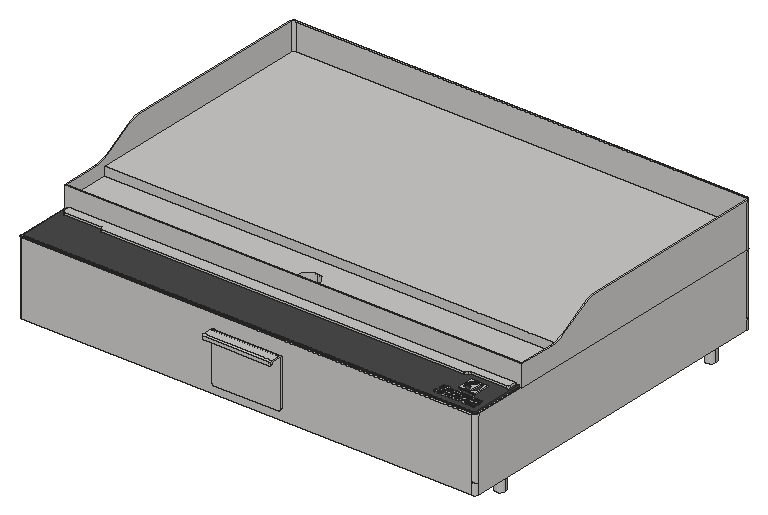
Revit family "QF_ELECTROLUXPROFESSIONAL_602349_E1IREDOMES", category Specialty Equipment, Revit 2023
Family settings
  Round Connector Dimension = Use Diameter
  Part Type = Normal
  Work Plane-Based = No
  Enable Cutting in Views = No
  Always vertical = Yes
  Cut with Voids When Loaded = No
  Maintain Annotation Orientation = No
  Shared = No
  Room Calculation Point = No
Parameters
  Watts = 0 W
  Volts = 0 V
  URL = "http://professional.electrolux.com"
  Steam Supply Size = 0 mm
  Steam Supply Minimum Pressure = 0.0 Pa
  Steam Supply Maximum Pressure = 0.0 Pa
  Steam Pounds per Hour = 0
  Show Logo [instance] = yes
  Manufacturer = "Electrolux Professional"
  Phase = 0
  Model = "E1IREDOMES"
  Item Number = "602349"
  Hot Water Size = 0 mm
  HP = "9.4 HP"
  Gas Size = 0 mm
  Gas KW = 0
  Direct Waste Size = 0 mm
  Description = "PLUG-IN INDUCTION GRIDDLE XL, STAINLESS STEEL SMOOTH PLATE, 3-PHASE"
  Default Elevation = 0 mm
  Cycle = 0 Hz
  Condensate Return Size = 0 mm
  Compressed Air Volume = 0.0 L/s
  Compressed Air Size = 0 mm
  Compressed Air Pressure = 0.0 Pa
  Cold Water Size = 0 mm
Reference planes
  plane 1 "Centro (Fronte/Retro)": y = 74.737
  plane 2: z = 0
  plane 3: x = -514.269
  plane 4 "LEFT": x = -914.269
  plane 5 "RIGHT": x = -114.269
  plane 6 "BACK": y = 374.737
  plane 7 "FRONT": y = -225.263
  plane 8: x = -912.269
  plane 9: y = 372.737
  plane 10: x = -116.269
  plane 11: y = -223.263
  plane 12: y = -124.263
  plane 13: x = -901.269
  plane 14: x = -127.269
  plane 15: y = 304.737
  plane 16: y = -155.263
  plane 17: x = -514.269
  plane 18: y = 146.737
  plane 19: z = 951
  plane 20: z = 991
  plane 21: z = 764
Forms (mm)
  Extrusion 1, solid, material "QF_Finishes_Stainless Steel"
    sketch origin (0, 0, 788) x (1, 0, 0) y (0, 1, 0)
      loop
        arc (-907.269, 374.737) -> (-912.218, 372.687) -> (-914.269, 367.737) r 7
        line (-914.269, 367.737) -> (-914.269, -218.263)
        arc (-914.269, -218.263) -> (-912.218, -223.213) -> (-907.269, -225.263) r 7
        line (-907.269, -225.263) -> (-121.269, -225.263)
        arc (-121.269, -225.263) -> (-116.319, -223.213) -> (-114.269, -218.263) r 7
        line (-114.269, -218.263) -> (-114.269, 367.737)
        arc (-114.269, 367.737) -> (-116.319, 372.687) -> (-121.269, 374.737) r 7
        line (-121.269, 374.737) -> (-907.269, 374.737)
    from 0 to 20
  Extrusion 2, solid, material "QF_Finishes_Stainless Steel"
    sketch origin (0, 0, 788) x (1, 0, 0) y (0, 1, 0)
      loop
        line (-121.269, 374.737) -> (-907.269, 374.737)
        arc (-907.269, 374.737) -> (-912.218, 372.687) -> (-914.269, 367.737) r 7
        line (-914.269, 367.737) -> (-914.269, -218.263)
        arc (-914.269, -218.263) -> (-912.218, -223.213) -> (-907.269, -225.263) r 7
        line (-907.269, -225.263) -> (-121.269, -225.263)
        arc (-121.269, -225.263) -> (-116.319, -223.213) -> (-114.269, -218.263) r 7
        line (-114.269, -218.263) -> (-114.269, 367.737)
        arc (-114.269, 367.737) -> (-116.319, 372.687) -> (-121.269, 374.737) r 7
      loop
        arc (-907.269, 372.737) -> (-910.804, 371.273) -> (-912.269, 367.737) r 5
        line (-912.269, 367.737) -> (-912.269, -218.263)
        arc (-912.269, -218.263) -> (-910.804, -221.798) -> (-907.269, -223.263) r 5
        line (-907.269, -223.263) -> (-121.269, -223.263)
        arc (-121.269, -223.263) -> (-117.733, -221.798) -> (-116.269, -218.263) r 5
        line (-116.269, -218.263) -> (-116.269, 367.737)
        arc (-116.269, 367.737) -> (-117.733, 371.273) -> (-121.269, 372.737) r 5
        line (-121.269, 372.737) -> (-907.269, 372.737)
    from 20 to 126
  Extrusion 3, solid, material "QF_Finishes_Black"
    sketch origin (0, 0, 914) x (-1, 0, 0) y (0, -1, 0)
      loop
        line (909.269, 124.263) -> (909.269, 218.263)
        arc (909.269, 218.263) -> (908.683, 219.677) -> (907.269, 220.263) r 2
        line (907.269, 220.263) -> (121.269, 220.263)
        arc (121.269, 220.263) -> (119.854, 219.677) -> (119.269, 218.263) r 2
        line (119.269, 218.263) -> (119.269, 124.263) -> (909.269, 124.263)
    from 0 to 2
  Extrusion 4, solid, material "QF_Finishes_Stainless Steel"
    sketch origin (0, 0, 914) x (-1, 0, 0) y (0, -1, 0)
      loop
        arc (901.269, 124.263) -> (903.39, 125.142) -> (904.269, 127.263) r 3
        line (904.269, 127.263) -> (904.269, 137.763)
        arc (904.269, 137.763) -> (903.39, 139.884) -> (901.269, 140.763) r 3
        line (901.269, 140.763) -> (837.269, 140.763)
        arc (837.269, 140.763) -> (835.147, 141.642) -> (834.269, 143.763) r 3
        arc (834.269, 143.763) -> (833.39, 145.884) -> (831.269, 146.763) r 3
        line (831.269, 146.763) -> (197.269, 146.763)
        arc (197.269, 146.763) -> (195.147, 145.884) -> (194.269, 143.763) r 3
        arc (194.269, 143.763) -> (193.39, 141.642) -> (191.269, 140.763) r 3
        line (191.269, 140.763) -> (127.269, 140.763)
        arc (127.269, 140.763) -> (125.147, 139.884) -> (124.269, 137.763) r 3
        line (124.269, 137.763) -> (124.269, 127.263)
        arc (124.269, 127.263) -> (125.147, 125.142) -> (127.269, 124.263) r 3
        line (127.269, 124.263) -> (901.269, 124.263)
    from 2 to 5
  Extrusion 5, solid, material "QF_Finishes_Stainless Steel"
    sketch origin (0, 0, 140) x (-1, 0, 0) y (0, -1, 0)
      loop
        circle (901.269, -304.737) r 9
      loop
        circle (127.269, -304.737) r 9
      loop
        circle (901.269, 155.263) r 9
      loop
        circle (127.269, 155.263) r 9
    from 624 to 648
  Extrusion 6, solid, material "QF_Finishes_Stainless Steel"
    sketch origin (0, 0, 140) x (-1, 0, 0) y (0, -1, 0)
      loop
        circle (514.269, -146.737) r 10
    from 638.028 to 648
  Extrusion 7, solid, material "QF_Finishes_Stainless Steel"
    sketch origin (0, 0, 140) x (-1, 0, 0) y (0, -1, 0)
      loop
        line (121.269, -374.737) -> (907.269, -374.737)
        arc (907.269, -374.737) -> (912.218, -372.687) -> (914.269, -367.737) r 7
        line (914.269, -367.737) -> (914.269, 124.263) -> (114.269, 124.263) -> (114.269, -367.737)
        arc (114.269, -367.737) -> (116.319, -372.687) -> (121.269, -374.737) r 7
      loop
        line (912.269, 122.263) -> (116.269, 122.263) -> (116.269, -367.737)
        arc (116.269, -367.737) -> (117.733, -371.273) -> (121.269, -372.737) r 5
        line (121.269, -372.737) -> (907.269, -372.737)
        arc (907.269, -372.737) -> (910.804, -371.273) -> (912.269, -367.737) r 5
        line (912.269, -367.737) -> (912.269, 122.263)
    from 774 to 851
  Extrusion 8, void
    sketch origin (-914.269, 367.737, 140) x (0, 1, 0) y (0, 0, 1)
      loop
        line (-492, 851) -> (-492, 811) -> (-425.278, 811)
        arc (-425.278, 811) -> (-412.445, 812.675) -> (-400.471, 817.588) r 50
        line (-400.471, 817.588) -> (-353.529, 844.412)
        arc (-353.529, 844.412) -> (-341.555, 849.325) -> (-328.722, 851) r 50
        line (-328.722, 851) -> (-492, 851)
    from 0 to 800
  Extrusion 9, solid, material "QF_Finishes_Stainless Steel"
    sketch origin (0, 0, 140) x (-1, 0, 0) y (0, -1, 0)
      loop
        line (912.269, -367.737) -> (912.269, 40.263) -> (116.269, 40.263) -> (116.269, -367.737)
        arc (116.269, -367.737) -> (117.733, -371.273) -> (121.269, -372.737) r 5
        line (121.269, -372.737) -> (907.269, -372.737)
        arc (907.269, -372.737) -> (910.804, -371.273) -> (912.269, -367.737) r 5
    from 774 to 804.06
  Extrusion 10, solid, material "QF_Finishes_Stainless Steel"
    sketch origin (0, 0, 140) x (-1, 0, 0) y (0, -1, 0)
      loop
        line (912.269, 40.263) -> (912.269, 122.263) -> (116.269, 122.263) -> (116.269, 40.263) -> (912.269, 40.263)
    from 774 to 789
  Extrusion 11, solid, material "QF_Finishes_Stainless Steel"
    sketch origin (-574.269, 367.737, 788) x (0, -1, 0) y (0, 0, 1)
      loop
        line (593, 14) -> (594.5, 14) -> (594.5, 99)
        arc (594.5, 99) -> (594.939, 100.061) -> (596, 100.5) r 1.5
        line (596, 100.5) -> (612, 100.5)
        arc (612, 100.5) -> (613.061, 100.061) -> (613.5, 99) r 1.5
        line (613.5, 99) -> (613.5, 94) -> (615, 94) -> (615, 99)
        arc (615, 99) -> (614.121, 101.121) -> (612, 102) r 3
        line (612, 102) -> (596, 102)
        arc (596, 102) -> (593.879, 101.121) -> (593, 99) r 3
        line (593, 99) -> (593, 14)
    from 0 to -120
  Extrusion 12, void
    sketch origin (-574.269, -226.763, 802) x (0, 0, 1) y (1, 0, 0)
      loop
        arc (4, 0) -> (1.172, 1.172) -> (0, 4) r 4
        line (0, 4) -> (0, 0) -> (4, 0)
      loop
        line (4, 120) -> (0, 120) -> (0, 116)
        arc (0, 116) -> (1.172, 118.828) -> (4, 120) r 4
    from 1.5 to 0
  Extrusion 13, void
    sketch origin (-574.269, -247.263, 890) x (0, 0, 1) y (1, 0, 0)
      loop
        arc (-4, 0) -> (-6.828, 1.172) -> (-8, 4) r 4
        line (-8, 4) -> (-8, 0) -> (-4, 0)
      loop
        line (-4, 120) -> (-8, 120) -> (-8, 116)
        arc (-8, 116) -> (-6.828, 118.828) -> (-4, 120) r 4
    from 0 to 1.5
  Extrusion 14, void
    sketch origin (353.267, 0, 929) x (0, -1, 0) y (-1, 0, 0)
      loop
        circle (91.263, 867.536) r 19
    from 0 to 71.307
Cuts and joins
  Extrusion 12, Extrusion 13 cuts Extrusion 1
  Extrusion 12, Extrusion 13 cuts Extrusion 2
  joined: Extrusion 1, Extrusion 2
  Extrusion 8 cuts Extrusion 7
  Extrusion 12, Extrusion 13 cuts Extrusion 11
  Extrusion 14 cuts Extrusion 10
Lines and regions (mm)
  symbolic lines
    curve 1: line (-121.269, 374.737, 126) -> (-907.269, 374.737, 126)
    curve 2: arc (-907.269, 374.737, 126) -> (-912.218, 372.687, 126) -> (-914.269, 367.737, 126) r 7
    curve 3: line (-914.269, 367.737, 126) -> (-914.269, -218.263, 126)
    curve 4: arc (-914.269, -218.263, 126) -> (-912.218, -223.213, 126) -> (-907.269, -225.263, 126) r 7
    curve 5: line (-907.269, -225.263, 126) -> (-121.269, -225.263, 126)
    curve 6: arc (-121.269, -225.263, 126) -> (-116.319, -223.213, 126) -> (-114.269, -218.263, 126) r 7
    curve 7: line (-114.269, -218.263, 126) -> (-114.269, 367.737, 126)
    curve 8: arc (-114.269, 367.737, 126) -> (-116.319, 372.687, 126) -> (-121.269, 374.737, 126) r 7
    curve 9: line (-907.269, 372.737, 126) -> (-121.269, 372.737, 126)
    curve 10: arc (-121.269, 372.737, 126) -> (-117.733, 371.273, 126) -> (-116.269, 367.737, 126) r 5
    curve 11: line (-116.269, 367.737, 126) -> (-116.269, -218.263, 126)
    curve 12: arc (-116.269, -218.263, 126) -> (-117.733, -221.798, 126) -> (-121.269, -223.263, 126) r 5
    curve 13: line (-121.269, -223.263, 126) -> (-907.269, -223.263, 126)
    curve 14: arc (-907.269, -223.263, 126) -> (-910.804, -221.798, 126) -> (-912.269, -218.263, 126) r 5
    curve 15: line (-912.269, -218.263, 126) -> (-912.269, 367.737, 126)
    curve 16: arc (-912.269, 367.737, 126) -> (-910.804, 371.273, 126) -> (-907.269, 372.737, 126) r 5
    curve 17: line (-831.269, -146.763, 126) -> (-197.269, -146.763, 126)
    curve 18: arc (-197.269, -146.763, 126) -> (-195.147, -145.884, 126) -> (-194.269, -143.763, 126) r 3
    curve 19: arc (-194.269, -143.763, 126) -> (-193.39, -141.642, 126) -> (-191.269, -140.763, 126) r 3
    curve 20: line (-191.269, -140.763, 126) -> (-127.269, -140.763, 126)
    curve 21: arc (-127.269, -140.763, 126) -> (-125.147, -139.884, 126) -> (-124.269, -137.763, 126) r 3
    curve 22: line (-124.269, -137.763, 126) -> (-124.269, -127.263, 126)
    curve 23: arc (-124.269, -127.263, 126) -> (-125.147, -125.142, 126) -> (-127.269, -124.263, 126) r 3
    curve 24: arc (-901.269, -124.263, 126) -> (-903.39, -125.142, 126) -> (-904.269, -127.263, 126) r 3
    curve 25: line (-904.269, -127.263, 126) -> (-904.269, -137.763, 126)
    curve 26: arc (-904.269, -137.763, 126) -> (-903.39, -139.884, 126) -> (-901.269, -140.763, 126) r 3
    curve 27: line (-901.269, -140.763, 126) -> (-837.269, -140.763, 126)
    curve 28: line (-119.269, -218.263, 126) -> (-119.269, -124.263, 126)
    curve 29: line (-909.269, -124.263, 126) -> (-909.269, -218.263, 126)
    curve 30: arc (-909.269, -218.263, 126) -> (-908.683, -219.677, 126) -> (-907.269, -220.263, 126) r 2
    curve 31: line (-907.269, -220.263, 126) -> (-121.269, -220.263, 126)
    curve 32: arc (-121.269, -220.263, 126) -> (-119.854, -219.677, 126) -> (-119.269, -218.263, 126) r 2
    curve 33: arc (-837.269, -140.763, 126) -> (-835.147, -141.642, 126) -> (-834.269, -143.763, 126) r 3
    curve 34: arc (-834.269, -143.763, 126) -> (-833.39, -145.884, 126) -> (-831.269, -146.763, 126) r 3
    curve 35: line (-909.269, -124.263, 0) -> (-119.269, -124.263, 0)
    curve 36: line (-912.269, -40.263, 126) -> (-116.269, -40.263, 126)
    curve 37: line (-178.626, -153.452, 126) -> (-178.626, -182.168, 126)
    curve 38: line (-178.626, -182.168, 126) -> (-149.912, -182.168, 126)
    curve 39: line (-149.912, -182.168, 126) -> (-149.912, -153.452, 126)
    curve 40: line (-149.912, -153.452, 126) -> (-178.626, -153.452, 126)
    curve 41: line (-175.841, -162.424, 126) -> (-175.07, -161.023, 126)
    curve 42: line (-175.07, -161.023, 126) -> (-174.141, -159.732, 126)
    curve 43: line (-174.141, -159.732, 126) -> (-173.065, -158.564, 126)
    curve 44: line (-173.065, -158.564, 126) -> (-171.856, -157.535, 126)
    curve 45: line (-171.856, -157.535, 126) -> (-170.527, -156.661, 126)
    curve 46: line (-170.527, -156.661, 126) -> (-169.091, -155.954, 126)
    curve 47: line (-169.091, -155.954, 126) -> (-167.562, -155.431, 126)
    curve 48: line (-167.562, -155.431, 126) -> (-165.952, -155.107, 126)
    curve 49: arc (-165.952, -155.107, 126) -> (-163.752, -155.007, 126) -> (-161.567, -155.279, 126) r 13.008
    curve 50: arc (-161.567, -155.279, 126) -> (-161.815, -157.647, 126) -> (-162.651, -159.876, 126) r 9.395
    curve 51: line (-162.651, -159.876, 126) -> (-163.438, -161.245, 126)
    curve 52: line (-163.438, -161.245, 126) -> (-164.403, -162.507, 126)
    curve 53: line (-164.403, -162.507, 126) -> (-165.524, -163.648, 126)
    curve 54: line (-165.524, -163.648, 126) -> (-166.781, -164.654, 126)
    curve 55: line (-166.781, -164.654, 126) -> (-168.151, -165.509, 126)
    curve 56: line (-168.151, -165.509, 126) -> (-169.615, -166.2, 126)
    curve 57: line (-169.615, -166.2, 126) -> (-171.15, -166.712, 126)
    curve 58: line (-171.15, -166.712, 126) -> (-172.736, -167.029, 126)
    curve 59: line (-172.736, -167.029, 126) -> (-174.352, -167.138, 126)
    curve 60: line (-174.352, -167.138, 126) -> (-177.067, -167.138, 126)
    curve 61: line (-177.067, -167.138, 126) -> (-176.852, -165.495, 126)
    curve 62: line (-176.852, -165.495, 126) -> (-176.439, -163.92, 126)
    curve 63: line (-176.439, -163.92, 126) -> (-175.841, -162.424, 126)
    curve 64: line (-160.221, -179.969, 126) -> (-160.221, -155.646, 126)
    curve 65: line (-160.221, -155.646, 126) -> (-158.743, -156.237, 126)
    curve 66: line (-158.743, -156.237, 126) -> (-157.363, -157.003, 126)
    curve 67: line (-157.363, -157.003, 126) -> (-156.095, -157.931, 126)
    curve 68: line (-156.095, -157.931, 126) -> (-154.951, -159.007, 126)
    curve 69: line (-154.951, -159.007, 126) -> (-153.945, -160.217, 126)
    curve 70: line (-153.945, -160.217, 126) -> (-153.092, -161.548, 126)
    curve 71: line (-153.092, -161.548, 126) -> (-152.403, -162.986, 126)
    curve 72: line (-152.403, -162.986, 126) -> (-151.894, -164.517, 126)
    curve 73: line (-151.894, -164.517, 126) -> (-151.576, -166.128, 126)
    curve 74: line (-151.576, -166.128, 126) -> (-151.464, -167.804, 126)
    curve 75: line (-151.464, -167.804, 126) -> (-151.567, -169.456, 126)
    curve 76: line (-151.567, -169.456, 126) -> (-151.873, -171.047, 126)
    curve 77: line (-151.873, -171.047, 126) -> (-152.372, -172.563, 126)
    curve 78: line (-152.372, -172.563, 126) -> (-153.05, -173.992, 126)
    curve 79: line (-153.05, -173.992, 126) -> (-153.897, -175.319, 126)
    curve 80: line (-153.897, -175.319, 126) -> (-154.899, -176.532, 126)
    curve 81: line (-154.899, -176.532, 126) -> (-156.044, -177.617, 126)
    curve 82: line (-156.044, -177.617, 126) -> (-157.321, -178.56, 126)
    curve 83: line (-157.321, -178.56, 126) -> (-158.718, -179.349, 126)
    curve 84: line (-158.718, -179.349, 126) -> (-160.221, -179.969, 126)
    curve 85: line (-169.613, -169.43, 126) -> (-168.15, -170.12, 126)
    curve 86: line (-168.15, -170.12, 126) -> (-166.78, -170.975, 126)
    curve 87: line (-166.78, -170.975, 126) -> (-165.524, -171.98, 126)
    curve 88: line (-165.524, -171.98, 126) -> (-164.403, -173.12, 126)
    curve 89: line (-164.403, -173.12, 126) -> (-163.439, -174.381, 126)
    curve 90: line (-163.439, -174.381, 126) -> (-162.652, -175.748, 126)
    curve 91: arc (-162.652, -175.748, 126) -> (-161.85, -177.982, 126) -> (-161.568, -180.34, 126) r 10.532
    curve 92: arc (-161.568, -180.34, 126) -> (-162.906, -180.548, 126) -> (-164.258, -180.63, 126) r 14.39
    curve 93: line (-164.258, -180.63, 126) -> (-165.828, -180.532, 126)
    curve 94: line (-165.828, -180.532, 126) -> (-167.331, -180.252, 126)
    curve 95: line (-167.331, -180.252, 126) -> (-168.77, -179.801, 126)
    curve 96: line (-168.77, -179.801, 126) -> (-170.134, -179.191, 126)
    curve 97: line (-170.134, -179.191, 126) -> (-171.411, -178.434, 126)
    curve 98: line (-171.411, -178.434, 126) -> (-172.589, -177.541, 126)
    curve 99: line (-172.589, -177.541, 126) -> (-173.656, -176.525, 126)
    curve 100: line (-173.656, -176.525, 126) -> (-174.6, -175.397, 126)
    curve 101: line (-174.6, -175.397, 126) -> (-175.41, -174.168, 126)
    curve 102: line (-175.41, -174.168, 126) -> (-176.073, -172.852, 126)
    curve 103: line (-176.073, -172.852, 126) -> (-176.579, -171.46, 126)
    curve 104: line (-176.579, -171.46, 126) -> (-176.915, -170.003, 126)
    curve 105: line (-176.915, -170.003, 126) -> (-177.069, -168.493, 126)
    curve 106: line (-177.069, -168.493, 126) -> (-174.35, -168.493, 126)
    curve 107: line (-174.35, -168.493, 126) -> (-172.734, -168.602, 126)
    curve 108: line (-172.734, -168.602, 126) -> (-171.148, -168.919, 126)
    curve 109: line (-171.148, -168.919, 126) -> (-169.613, -169.43, 126)
    curve 110: arc (-199.495, -197.154, 126) -> (-198.466, -199.638, 126) -> (-195.982, -200.667, 126) r 3.513
    curve 111: line (-195.982, -200.667, 126) -> (-192.408, -200.667, 126)
    curve 112: line (-192.408, -200.667, 126) -> (-192.408, -198.85, 126)
    curve 113: line (-192.408, -198.85, 126) -> (-195.966, -198.85, 126)
    curve 114: arc (-195.966, -198.85, 126) -> (-197.094, -198.382, 126) -> (-197.562, -197.254, 126) r 1.596
    curve 115: line (-197.562, -197.254, 126) -> (-197.562, -195.74, 126)
    curve 116: line (-197.562, -195.74, 126) -> (-192.843, -195.74, 126)
    curve 117: line (-192.843, -195.74, 126) -> (-192.843, -193.917, 126)
    curve 118: line (-192.843, -193.917, 126) -> (-197.563, -193.917, 126)
    curve 119: line (-197.563, -193.917, 126) -> (-197.563, -191.264, 126)
    curve 120: line (-197.563, -191.264, 126) -> (-192.542, -191.264, 126)
    curve 121: line (-192.542, -191.264, 126) -> (-192.542, -189.445, 126)
    curve 122: line (-192.542, -189.445, 126) -> (-199.495, -189.445, 126)
    curve 123: line (-199.495, -189.445, 126) -> (-199.495, -193.353, 126)
    curve 124: line (-199.495, -193.353, 126) -> (-199.495, -197.154, 126)
    curve 125: line (-189.101, -189.455, 126) -> (-191.035, -189.455, 126)
    curve 126: line (-191.035, -189.455, 126) -> (-191.035, -194.76, 126)
    curve 127: line (-191.035, -194.76, 126) -> (-191.035, -200.681, 126)
    curve 128: line (-191.035, -200.681, 126) -> (-189.101, -200.681, 126)
    curve 129: line (-189.101, -200.681, 126) -> (-189.101, -194.721, 126)
    curve 130: line (-189.101, -194.721, 126) -> (-189.101, -189.455, 126)
    curve 131: arc (-180.394, -193.787, 126) -> (-183.654, -192.313, 126) -> (-186.913, -193.787, 126) r 4.34
    curve 132: arc (-186.913, -193.787, 126) -> (-187.819, -196.606, 126) -> (-186.913, -199.425, 126) r 4.838
    curve 133: arc (-186.913, -199.425, 126) -> (-183.498, -200.88, 126) -> (-180.082, -199.425, 126) r 4.737
    curve 134: line (-180.082, -199.425, 126) -> (-181.246, -198.293, 126)
    curve 135: arc (-181.246, -198.293, 126) -> (-183.382, -199.237, 126) -> (-185.517, -198.293, 126) r 2.888
    curve 136: arc (-185.517, -198.293, 126) -> (-185.841, -197.736, 126) -> (-185.905, -197.095, 126) r 1.527
    curve 137: line (-185.905, -197.095, 126) -> (-179.564, -197.095, 126)
    curve 138: arc (-179.564, -197.095, 126) -> (-179.672, -195.364, 126) -> (-180.394, -193.787, 126) r 4.757
    curve 139: line (-181.505, -195.736, 126) -> (-185.858, -195.736, 126)
    curve 140: arc (-185.858, -195.736, 126) -> (-185.043, -194.411, 126) -> (-183.56, -193.941, 126) r 2.23
    curve 141: arc (-183.56, -193.941, 126) -> (-182.221, -194.482, 126) -> (-181.505, -195.736, 126) r 2.201
    curve 142: arc (-172.029, -198.26, 126) -> (-176.639, -196.593, 126) -> (-172.029, -194.927, 126) r 2.606
    curve 143: line (-172.029, -194.927, 126) -> (-170.832, -193.681, 126)
    curve 144: arc (-170.832, -193.681, 126) -> (-178.564, -196.594, 126) -> (-170.832, -199.507, 126) r 4.415
    curve 145: line (-170.832, -199.507, 126) -> (-172.029, -198.26, 126)
    curve 146: line (-169.629, -193.481, 126) -> (-169.629, -197.299, 126)
    curve 147: arc (-169.629, -197.299, 126) -> (-168.592, -199.893, 126) -> (-165.911, -200.681, 126) r 3.196
    curve 148: line (-165.911, -200.681, 126) -> (-165.904, -198.864, 126)
    curve 149: arc (-165.904, -198.864, 126) -> (-167.239, -198.457, 126) -> (-167.699, -197.14, 126) r 1.542
    curve 150: line (-167.699, -197.14, 126) -> (-167.699, -194.319, 126)
    curve 151: line (-167.699, -194.319, 126) -> (-165.94, -194.319, 126)
    curve 152: line (-165.94, -194.319, 126) -> (-165.94, -192.562, 126)
    curve 153: line (-165.94, -192.562, 126) -> (-167.696, -192.562, 126)
    curve 154: line (-167.696, -192.562, 126) -> (-167.696, -189.455, 126)
    curve 155: line (-167.696, -189.455, 126) -> (-169.629, -189.455, 126)
    curve 156: line (-169.629, -189.455, 126) -> (-169.629, -193.481, 126)
    curve 157: arc (-159.402, -192.451, 126) -> (-161.13, -192.587, 126) -> (-162.397, -193.771, 126) r 2.627
    curve 158: line (-162.397, -193.771, 126) -> (-162.397, -192.563, 126)
    curve 159: line (-162.397, -192.563, 126) -> (-164.315, -192.563, 126)
    curve 160: line (-164.315, -192.563, 126) -> (-164.315, -196.541, 126)
    curve 161: line (-164.315, -196.541, 126) -> (-164.315, -200.681, 126)
    curve 162: line (-164.315, -200.681, 126) -> (-162.397, -200.681, 126)
    curve 163: line (-162.397, -200.681, 126) -> (-162.397, -196.412, 126)
    curve 164: arc (-162.397, -196.412, 126) -> (-161.445, -194.585, 126) -> (-159.402, -194.319, 126) r 2.229
    curve 165: line (-159.402, -194.319, 126) -> (-159.402, -192.451, 126)
    curve 166: arc (-150.248, -196.625, 126) -> (-154.668, -192.205, 126) -> (-159.088, -196.625, 126) r 4.42
    curve 167: arc (-159.088, -196.625, 126) -> (-154.668, -201.046, 126) -> (-150.248, -196.625, 126) r 4.42
    curve 168: arc (-157.176, -196.625, 126) -> (-154.668, -194.117, 126) -> (-152.16, -196.625, 126) r 2.508
    curve 169: arc (-152.16, -196.625, 126) -> (-154.668, -199.134, 126) -> (-157.176, -196.625, 126) r 2.508
    curve 170: line (-147.124, -189.454, 126) -> (-149.058, -189.454, 126)
    curve 171: line (-149.058, -189.454, 126) -> (-149.058, -194.566, 126)
    curve 172: line (-149.058, -194.566, 126) -> (-149.058, -200.682, 126)
    curve 173: line (-149.058, -200.682, 126) -> (-147.124, -200.682, 126)
    curve 174: line (-147.124, -200.682, 126) -> (-147.124, -194.643, 126)
    curve 175: line (-147.124, -194.643, 126) -> (-147.124, -189.454, 126)
    curve 176: line (-143.697, -192.562, 126) -> (-145.646, -192.562, 126)
    curve 177: line (-145.646, -192.562, 126) -> (-145.646, -194.915, 126)
    curve 178: line (-145.646, -194.915, 126) -> (-145.646, -197.715, 126)
    curve 179: arc (-145.646, -197.715, 126) -> (-141.931, -201.044, 126) -> (-138.204, -197.728, 126) r 3.745
    curve 180: line (-138.204, -197.728, 126) -> (-138.204, -194.915, 126)
    curve 181: line (-138.204, -194.915, 126) -> (-138.204, -192.562, 126)
    curve 182: line (-138.204, -192.562, 126) -> (-140.152, -192.562, 126)
    curve 183: line (-140.152, -192.562, 126) -> (-140.152, -197.299, 126)
    curve 184: arc (-140.152, -197.299, 126) -> (-141.925, -199.071, 126) -> (-143.697, -197.299, 126) r 1.772
    curve 185: line (-143.697, -197.299, 126) -> (-143.697, -192.562, 126)
    curve 186: line (-134.237, -196.397, 126) -> (-135.916, -198.735, 126)
    curve 187: line (-135.916, -198.735, 126) -> (-137.313, -200.682, 126)
    curve 188: line (-137.313, -200.682, 126) -> (-135.235, -200.682, 126)
    curve 189: line (-135.235, -200.682, 126) -> (-133.174, -197.813, 126)
    curve 190: line (-133.174, -197.813, 126) -> (-131.112, -200.682, 126)
    curve 191: line (-131.112, -200.682, 126) -> (-129.034, -200.682, 126)
    curve 192: line (-129.034, -200.682, 126) -> (-130.891, -198.085, 126)
    curve 193: line (-130.891, -198.085, 126) -> (-132.11, -196.38, 126)
    curve 194: line (-132.11, -196.38, 126) -> (-130.601, -194.325, 126)
    curve 195: line (-130.601, -194.325, 126) -> (-129.308, -192.563, 126)
    curve 196: line (-129.308, -192.563, 126) -> (-131.418, -192.563, 126)
    curve 197: line (-131.418, -192.563, 126) -> (-133.174, -194.995, 126)
    curve 198: line (-133.174, -194.995, 126) -> (-134.946, -192.563, 126)
    curve 199: line (-134.946, -192.563, 126) -> (-137.039, -192.563, 126)
    curve 200: line (-137.039, -192.563, 126) -> (-135.839, -194.205, 126)
    curve 201: line (-135.839, -194.205, 126) -> (-134.237, -196.397, 126)
    curve 202: line (-199.467, -205.699, 126) -> (-199.467, -209.59, 126)
    curve 203: line (-199.467, -209.59, 126) -> (-198.667, -209.59, 126)
    curve 204: line (-198.667, -209.59, 126) -> (-198.667, -208.271, 126)
    curve 205: line (-198.667, -208.271, 126) -> (-197.697, -208.271, 126)
    curve 206: arc (-197.697, -208.271, 126) -> (-196.674, -206.863, 126) -> (-197.967, -205.699, 126) r 1.3
    curve 207: line (-197.967, -205.699, 126) -> (-199.467, -205.699, 126)
    curve 208: line (-198.667, -207.52, 126) -> (-198.667, -206.434, 126)
    curve 209: line (-198.667, -206.434, 126) -> (-197.861, -206.434, 126)
    curve 210: arc (-197.861, -206.434, 126) -> (-197.461, -206.977, 126) -> (-197.861, -207.52, 126) r 0.569
    curve 211: line (-197.861, -207.52, 126) -> (-198.667, -207.52, 126)
    curve 212: line (-193.389, -205.699, 126) -> (-193.389, -209.59, 126)
    curve 213: line (-193.389, -209.59, 126) -> (-192.589, -209.59, 126)
    curve 214: line (-192.589, -209.59, 126) -> (-192.589, -208.249, 126)
    curve 215: line (-192.589, -208.249, 126) -> (-191.763, -208.249, 126)
    curve 216: line (-191.763, -208.249, 126) -> (-190.957, -209.59, 126)
    curve 217: line (-190.957, -209.59, 126) -> (-190.05, -209.59, 126)
    curve 218: line (-190.05, -209.59, 126) -> (-191.058, -207.929, 126)
    curve 219: arc (-191.058, -207.929, 126) -> (-190.677, -206.531, 126) -> (-191.863, -205.699, 126) r 1.26
    curve 220: line (-191.863, -205.699, 126) -> (-193.389, -205.699, 126)
    curve 221: line (-192.589, -207.52, 126) -> (-192.589, -206.434, 126)
    curve 222: line (-192.589, -206.434, 126) -> (-191.782, -206.434, 126)
    curve 223: arc (-191.782, -206.434, 126) -> (-191.383, -206.977, 126) -> (-191.782, -207.52, 126) r 0.569
    curve 224: line (-191.782, -207.52, 126) -> (-192.589, -207.52, 126)
    curve 225: arc (-186.695, -207.668, 126) -> (-185.407, -206.38, 126) -> (-184.119, -207.668, 126) r 1.288
    curve 226: arc (-184.119, -207.668, 126) -> (-185.407, -208.956, 126) -> (-186.695, -207.668, 126) r 1.288
    curve 227: arc (-183.342, -207.668, 126) -> (-185.407, -205.603, 126) -> (-187.472, -207.668, 126) r 2.065
    curve 228: arc (-187.472, -207.668, 126) -> (-185.407, -209.733, 126) -> (-183.342, -207.668, 126) r 2.065
    curve 229: line (-179.969, -205.699, 126) -> (-179.969, -209.59, 126)
    curve 230: line (-179.969, -209.59, 126) -> (-179.169, -209.59, 126)
    curve 231: line (-179.169, -209.59, 126) -> (-179.169, -208.099, 126)
    curve 232: line (-179.169, -208.099, 126) -> (-177.704, -208.099, 126)
    curve 233: line (-177.704, -208.099, 126) -> (-177.704, -207.299, 126)
    curve 234: line (-177.704, -207.299, 126) -> (-179.169, -207.299, 126)
    curve 235: line (-179.169, -207.299, 126) -> (-179.169, -206.499, 126)
    curve 236: line (-179.169, -206.499, 126) -> (-177.564, -206.499, 126)
    curve 237: line (-177.564, -206.499, 126) -> (-177.564, -205.699, 126)
    curve 238: line (-177.564, -205.699, 126) -> (-179.969, -205.699, 126)
    curve 239: line (-174.264, -205.699, 126) -> (-174.264, -208.344, 126)
    curve 240: arc (-174.264, -208.344, 126) -> (-173.899, -209.225, 126) -> (-173.017, -209.59, 126) r 1.246
    curve 241: line (-173.017, -209.59, 126) -> (-171.761, -209.59, 126)
    curve 242: line (-171.761, -209.59, 126) -> (-171.761, -208.79, 126)
    curve 243: line (-171.761, -208.79, 126) -> (-172.922, -208.79, 126)
    curve 244: arc (-172.922, -208.79, 126) -> (-173.361, -208.576, 126) -> (-173.464, -208.099, 126) r 0.558
    curve 245: line (-173.464, -208.099, 126) -> (-171.907, -208.099, 126)
    curve 246: line (-171.907, -208.099, 126) -> (-171.907, -207.299, 126)
    curve 247: line (-171.907, -207.299, 126) -> (-173.464, -207.299, 126)
    curve 248: line (-173.464, -207.299, 126) -> (-173.464, -206.499, 126)
    curve 249: line (-173.464, -206.499, 126) -> (-171.799, -206.499, 126)
    curve 250: line (-171.799, -206.499, 126) -> (-171.799, -205.699, 126)
    curve 251: line (-171.799, -205.699, 126) -> (-174.264, -205.699, 126)
    curve 252: arc (-168.711, -208.718, 126) -> (-167.818, -209.538, 126) -> (-166.606, -209.568, 126) r 1.725
    curve 253: arc (-166.606, -209.568, 126) -> (-165.785, -208.793, 126) -> (-166.071, -207.702, 126) r 1.107
    curve 254: arc (-166.071, -207.702, 126) -> (-166.648, -207.348, 126) -> (-167.264, -207.067, 126) r 5.523
    curve 255: arc (-167.264, -207.067, 126) -> (-167.604, -206.55, 126) -> (-167.043, -206.293, 126) r 0.407
    curve 256: arc (-167.043, -206.293, 126) -> (-166.706, -206.498, 126) -> (-166.425, -206.775, 126) r 1.702
    curve 257: line (-166.425, -206.775, 126) -> (-165.74, -206.363, 126)
    curve 258: arc (-165.74, -206.363, 126) -> (-166.172, -205.902, 126) -> (-166.708, -205.566, 126) r 2.463
    curve 259: arc (-166.708, -205.566, 126) -> (-168.378, -206.347, 126) -> (-167.331, -207.864, 126) r 1.207
    curve 260: line (-167.331, -207.864, 126) -> (-166.868, -208.812, 126)
    curve 261: arc (-166.868, -208.812, 126) -> (-167.513, -208.798, 126) -> (-167.991, -208.367, 126) r 0.925
    curve 262: line (-167.991, -208.367, 126) -> (-168.711, -208.718, 126)
    curve 263: arc (-162.851, -208.718, 126) -> (-161.958, -209.538, 126) -> (-160.746, -209.568, 126) r 1.725
    curve 264: arc (-160.746, -209.568, 126) -> (-159.926, -208.793, 126) -> (-160.211, -207.702, 126) r 1.107
    curve 265: arc (-160.211, -207.702, 126) -> (-160.788, -207.348, 126) -> (-161.405, -207.067, 126) r 5.523
    curve 266: arc (-161.405, -207.067, 126) -> (-161.745, -206.55, 126) -> (-161.183, -206.293, 126) r 0.407
    curve 267: arc (-161.183, -206.293, 126) -> (-160.846, -206.498, 126) -> (-160.566, -206.775, 126) r 1.702
    curve 268: line (-160.566, -206.775, 126) -> (-159.88, -206.363, 126)
    curve 269: arc (-159.88, -206.363, 126) -> (-160.313, -205.902, 126) -> (-160.848, -205.566, 126) r 2.463
    curve 270: arc (-160.848, -205.566, 126) -> (-162.518, -206.347, 126) -> (-161.471, -207.864, 126) r 1.207
    curve 271: line (-161.471, -207.864, 126) -> (-161.009, -208.812, 126)
    curve 272: arc (-161.009, -208.812, 126) -> (-161.653, -208.798, 126) -> (-162.132, -208.367, 126) r 0.925
    curve 273: line (-162.132, -208.367, 126) -> (-162.851, -208.718, 126)
    curve 274: line (-156.591, -209.59, 126) -> (-155.791, -209.59, 126)
    curve 275: line (-155.791, -209.59, 126) -> (-155.791, -205.699, 126)
    curve 276: line (-155.791, -205.699, 126) -> (-156.591, -205.699, 126)
    curve 277: line (-156.591, -205.699, 126) -> (-156.591, -209.59, 126)
    curve 278: arc (-152.472, -207.668, 126) -> (-150.407, -209.733, 126) -> (-148.342, -207.668, 126) r 2.065
    curve 279: arc (-148.342, -207.668, 126) -> (-150.407, -205.603, 126) -> (-152.472, -207.668, 126) r 2.065
    curve 280: arc (-151.695, -207.668, 126) -> (-150.407, -206.38, 126) -> (-149.119, -207.668, 126) r 1.288
    curve 281: arc (-149.119, -207.668, 126) -> (-150.407, -208.956, 126) -> (-151.695, -207.668, 126) r 1.288
    curve 282: line (-145.051, -205.699, 126) -> (-145.051, -209.59, 126)
    curve 283: line (-145.051, -209.59, 126) -> (-144.221, -209.59, 126)
    curve 284: line (-144.221, -209.59, 126) -> (-144.221, -207.143, 126)
    curve 285: line (-144.221, -207.143, 126) -> (-142.441, -209.59, 126)
    curve 286: line (-142.441, -209.59, 126) -> (-141.641, -209.59, 126)
    curve 287: line (-141.641, -209.59, 126) -> (-141.641, -205.699, 126)
    curve 288: line (-141.641, -205.699, 126) -> (-142.471, -205.699, 126)
    curve 289: line (-142.471, -205.699, 126) -> (-142.471, -208.219, 126)
    curve 290: line (-142.471, -208.219, 126) -> (-144.251, -205.699, 126)
    curve 291: line (-144.251, -205.699, 126) -> (-145.051, -205.699, 126)
    curve 292: line (-136.895, -205.7, 126) -> (-138.488, -209.59, 126)
    curve 293: line (-138.488, -209.59, 126) -> (-137.629, -209.59, 126)
    curve 294: line (-137.629, -209.59, 126) -> (-137.25, -208.75, 126)
    curve 295: line (-137.25, -208.75, 126) -> (-135.811, -208.75, 126)
    curve 296: line (-135.811, -208.75, 126) -> (-135.432, -209.59, 126)
    curve 297: line (-135.432, -209.59, 126) -> (-134.574, -209.59, 126)
    curve 298: line (-134.574, -209.59, 126) -> (-136.095, -205.7, 126)
    curve 299: line (-136.095, -205.7, 126) -> (-136.895, -205.7, 126)
    curve 300: line (-136.947, -207.983, 126) -> (-136.529, -206.965, 126)
    curve 301: line (-136.529, -206.965, 126) -> (-136.131, -207.983, 126)
    curve 302: line (-136.131, -207.983, 126) -> (-136.947, -207.983, 126)
    curve 303: line (-131.398, -205.699, 126) -> (-131.398, -209.59, 126)
    curve 304: line (-131.398, -209.59, 126) -> (-129.102, -209.59, 126)
    curve 305: line (-129.102, -209.59, 126) -> (-129.102, -208.79, 126)
    curve 306: line (-129.102, -208.79, 126) -> (-130.599, -208.79, 126)
    curve 307: line (-130.599, -208.79, 126) -> (-130.599, -205.699, 126)
    curve 308: line (-130.599, -205.699, 126) -> (-131.398, -205.699, 126)
    curve 309: arc (-514.269, -110.263, 126) -> (-533.269, -91.263, 126) -> (-514.269, -72.263, 126) r 19
    curve 310: arc (-514.269, -72.263, 126) -> (-495.269, -91.263, 126) -> (-514.269, -110.263, 126) r 19
    curve 311: line (-116.269, -122.263, 126) -> (-912.269, -122.263, 126)
    curve 312: line (-574.269, -225.263, 126) -> (-574.269, -247.263, 126)
    curve 313: line (-574.269, -247.263, 126) -> (-454.269, -247.263, 126)
    curve 314: line (-454.269, -247.263, 126) -> (-454.269, -225.263, 126)
Dimensions and locks
  equal spacing: plane 4 "LEFT", plane 3, plane 5 "RIGHT"
  plane 4 "LEFT" to plane 5 "RIGHT" = 800 mm
  equal spacing: plane 6 "BACK", plane 1 "Centro (Fronte/Retro)", plane 7 "FRONT"
  plane 6 "BACK" to plane 7 "FRONT" = 600 mm
  locked: plane 4 "LEFT" to plane 13 at 13
  locked: plane 14 to plane 5 "RIGHT" at 13
  locked: plane 6 "BACK" to plane 15 at 70
  locked: plane 16 to plane 7 "FRONT" at 70
  plane 17 to plane 5 "RIGHT" = 400 mm
  plane 6 "BACK" to plane 18 = 228 mm
  Extrusion 4 to Extrusion 5 = 155 mm
  plane 20 to Extrusion 5 = 227 mm
  locked: plane 10 to plane 5 "RIGHT" at 2
  locked: plane 11 to plane 7 "FRONT" at 2
  locked: plane 4 "LEFT" to plane 8 at 2
  plane 21 to level = 764 mm
  aligned and locked: level to plane 2
  aligned and locked: Extrusion 5 to cut or joined group of Extrusion 1, Extrusion 2, Extrusion 12, Extrusion 13
  aligned and locked: Extrusion 7 to plane 20
  aligned and locked: Extrusion 1 to plane 4 "LEFT"
  aligned and locked: Extrusion 1 sketch curve to plane 5 "RIGHT"
  aligned and locked: Extrusion 1 sketch curve to plane 6 "BACK"
  aligned and locked: plane 7 "FRONT" to Extrusion 1 sketch curve
  aligned and locked: Extrusion 2 sketch curve to plane 4 "LEFT"
  aligned and locked: Extrusion 2 sketch curve to plane 8
  aligned and locked: plane 6 "BACK" to Extrusion 2 sketch curve
  aligned and locked: Extrusion 2 sketch curve to plane 9
  aligned and locked: Extrusion 2 sketch curve to plane 10
  aligned and locked: plane 5 "RIGHT" to Extrusion 2 sketch curve
  aligned and locked: Extrusion 2 sketch curve to plane 7 "FRONT"
  aligned and locked: Extrusion 2 sketch curve to plane 11
  aligned and locked: Extrusion 9 sketch curve to plane 8
  aligned and locked: plane 9 to Extrusion 9 sketch curve
  aligned and locked: plane 10 to Extrusion 9 sketch curve
Automatic sketch dimensions
  curve 35 to plane 12 = 0 mm
  plane 8 to curve 35 = 3 mm
  curve 35 to plane 10 = 3 mm
  Extrusion 1 sketch curve to plane 4 "LEFT" = 0 mm
  plane 8 to Extrusion 1 sketch curve = 5 mm  (x2)
  Extrusion 1 sketch curve to plane 10 = 5 mm  (x2)
  Extrusion 2 sketch curve to Extrusion 2 sketch curve = 0 mm  (x4)
  Extrusion 2 sketch curve to Extrusion 2 sketch curve = 5 mm  (x2)
  Extrusion 2 sketch curve to plane 10 = 5 mm  (x2)
  Extrusion 3 sketch curve to plane 12 = 0 mm
  Extrusion 3 sketch curve to plane 10 = 3 mm
  Extrusion 3 sketch curve to Extrusion 3 sketch curve = 2 mm  (x2)
  plane 8 to Extrusion 3 sketch curve = 5 mm
  plane 11 to Extrusion 3 sketch curve = 5 mm
  Extrusion 4 sketch curve to plane 12 = 0 mm
  Extrusion 4 sketch curve to plane 14 = 0 mm  (x2)
  Extrusion 4 sketch curve to plane 13 = 0 mm  (x2)
  Extrusion 4 sketch curve to Extrusion 4 sketch curve = 3 mm  (x2)
  plane 16 to Extrusion 4 sketch curve = 11.5 mm
  plane 17 to Extrusion 4 sketch curve = 323 mm
  Extrusion 4 sketch curve to Extrusion 4 sketch curve = 6 mm  (x2)
  plane 16 to Extrusion 4 sketch curve = 8.5 mm
  plane 13 to Extrusion 4 sketch curve = 70 mm
  Extrusion 4 sketch curve to plane 12 = 3 mm
  Extrusion 4 sketch curve to Extrusion 4 sketch curve = 10.5 mm  (x2)
  Extrusion 5 sketch curve to plane 14 = 0 mm  (x2)
  Extrusion 5 sketch curve to plane 13 = 0 mm  (x2)
  Extrusion 5 sketch curve to plane 15 = 0 mm  (x2)
  Extrusion 5 sketch curve to plane 16 = 0 mm  (x2)
  Extrusion 6 sketch curve to plane 17 = 0 mm
  Extrusion 6 sketch curve to plane 18 = 0 mm
  Extrusion 7 sketch curve to Extrusion 7 sketch curve = 0 mm  (x4)
  Extrusion 7 sketch curve to plane 5 "RIGHT" = 0 mm
  Extrusion 7 sketch curve to plane 10 = 0 mm
  Extrusion 7 sketch curve to plane 9 = 0 mm
  Extrusion 7 sketch curve to plane 8 = 0 mm
  Extrusion 7 sketch curve to plane 12 = 0 mm
  Extrusion 7 sketch curve to plane 9 = 5 mm
  plane 8 to Extrusion 7 sketch curve = 5 mm
  plane 12 to Extrusion 7 sketch curve = 2 mm
  Extrusion 8 sketch curve to Extrusion 7 = 0 mm  (x2)
  Extrusion 8 sketch curve to Extrusion 7 = 37 mm
  Extrusion 7 to Extrusion 8 sketch curve = 66.722 mm
  Extrusion 8 sketch curve to Extrusion 7 = 33.412 mm
  Extrusion 8 sketch curve to Extrusion 8 sketch curve = 24.807 mm
  Extrusion 8 sketch curve to Extrusion 7 = 6.588 mm
  Extrusion 8 sketch curve to Extrusion 8 sketch curve = 46.943 mm
  Extrusion 8 sketch curve to Extrusion 7 = 27 mm
  Extrusion 9 sketch curve to plane 10 = 5 mm
  Extrusion 9 sketch curve to Extrusion 9 sketch curve = 5 mm
  plane 12 to Extrusion 9 sketch curve = 84 mm
  Extrusion 10 sketch curve to plane 10 = 0 mm
  Extrusion 10 sketch curve to plane 8 = 0 mm
  plane 12 to Extrusion 10 sketch curve = 84 mm
  plane 12 to Extrusion 10 sketch curve = 2 mm
  Extrusion 11 sketch curve to Extrusion 11 sketch curve = 0 mm  (x7)
  Extrusion 11 sketch curve to plane 7 "FRONT" = 0 mm
  Extrusion 11 sketch curve to Extrusion 11 sketch curve = 1.5 mm  (x3)
  Extrusion 11 sketch curve to Extrusion 11 sketch curve = 16 mm
  Extrusion 11 sketch curve to Extrusion 11 sketch curve = 5 mm
  Extrusion 12 sketch curve to Extrusion 11 = 0 mm  (x4)
  Extrusion 12 sketch curve to Extrusion 12 sketch curve = 4 mm
  Extrusion 12 sketch curve to Extrusion 11 = 4 mm
  Extrusion 13 sketch curve to Extrusion 11 = 0 mm  (x4)
  Extrusion 11 to Extrusion 13 sketch curve = 1 mm  (x2)
  plane 12 to Extrusion 14 sketch curve = 33 mm
  plane 13 to Extrusion 14 sketch curve = 387 mm
  curve 2 to curve 16 = 0 mm  (x2)
  curve 4 to curve 14 = 0 mm  (x2)
  curve 4 to curve 30 = 0 mm  (x2)
  curve 6 to curve 12 = 0 mm  (x2)
  curve 6 to curve 32 = 0 mm  (x2)
  curve 8 to curve 10 = 0 mm  (x2)
  curve 12 to curve 32 = 0 mm  (x2)
  curve 14 to curve 30 = 0 mm  (x2)
  curve 166 to curve 167 = 0 mm  (x2)
  curve 166 to curve 168 = 0 mm  (x2)
  curve 166 to curve 169 = 0 mm  (x2)
  curve 167 to curve 168 = 0 mm  (x2)
  curve 167 to curve 169 = 0 mm  (x2)
  curve 168 to curve 169 = 0 mm  (x2)
  curve 179 to curve 184 = 0 mm  (x2)
  curve 225 to curve 226 = 0 mm  (x2)
  curve 225 to curve 227 = 0 mm  (x2)
  curve 225 to curve 228 = 0 mm  (x2)
  curve 226 to curve 227 = 0 mm  (x2)
  curve 226 to curve 228 = 0 mm  (x2)
  curve 227 to curve 228 = 0 mm  (x2)
  curve 252 to curve 261 = 0 mm  (x2)
  curve 255 to curve 259 = 0 mm  (x2)
  curve 263 to curve 272 = 0 mm  (x2)
  curve 266 to curve 270 = 0 mm  (x2)
  curve 278 to curve 279 = 0 mm  (x2)
  curve 278 to curve 280 = 0 mm  (x2)
  curve 278 to curve 281 = 0 mm  (x2)
  curve 279 to curve 280 = 0 mm  (x2)
  curve 279 to curve 281 = 0 mm  (x2)
  curve 280 to curve 281 = 0 mm  (x2)
  curve 309 to curve 310 = 0 mm  (x2)
  curve 6 to plane 5 "RIGHT" = 0 mm
  curve 11 to plane 10 = 0 mm
  curve 28 to plane 12 = 0 mm
  curve 5 to plane 7 "FRONT" = 0 mm
  curve 1 to plane 6 "BACK" = 0 mm
  curve 21 to plane 14 = 0 mm
  curve 23 to plane 14 = 0 mm
  curve 309 to plane 3 = 0 mm
  curve 24 to plane 13 = 0 mm
  curve 26 to plane 13 = 0 mm
  curve 29 to plane 12 = 0 mm
  curve 311 to plane 8 = 0 mm
  curve 24 to plane 12 = 0 mm
  curve 23 to plane 12 = 0 mm
  curve 11 to curve 28 = 3 mm
  curve 28 to curve 6 = 2 mm
  curve 8 to plane 9 = 5 mm
  curve 22 to plane 12 = 3 mm
  curve 191 to plane 14 = 1.766 mm
  curve 305 to plane 14 = 1.834 mm
  curve 195 to plane 14 = 2.039 mm
  curve 308 to plane 14 = 3.33 mm
  curve 195 to curve 195 = 1.293 mm
  curve 191 to curve 192 = 1.857 mm
  curve 191 to curve 191 = 2.078 mm
  curve 307 to curve 308 = 0.8 mm
  curve 194 to curve 197 = 0.817 mm
  curve 192 to curve 194 = 1.22 mm
  curve 193 to curve 190 = 1.064 mm
  curve 193 to curve 198 = 1.064 mm
  curve 197 to curve 186 = 1.063 mm
  curve 303 to curve 297 = 3.175 mm
  curve 197 to curve 199 = 1.772 mm
  curve 189 to curve 188 = 2.061 mm
  curve 297 to curve 296 = 0.859 mm
  curve 296 to curve 295 = 0.379 mm
  curve 198 to curve 201 = 0.893 mm
  curve 188 to curve 186 = 0.68 mm
  curve 295 to curve 299 = 0.284 mm
  curve 295 to curve 302 = 0.32 mm
  curve 301 to curve 300 = 0.398 mm
  curve 298 to curve 299 = 0.8 mm
  curve 301 to curve 300 = 0.815 mm
  curve 200 to curve 200 = 1.2 mm
  curve 300 to curve 294 = 0.304 mm
  curve 188 to curve 187 = 2.078 mm
  curve 294 to curve 294 = 0.379 mm
  curve 186 to curve 180 = 2.289 mm
  curve 293 to curve 293 = 0.859 mm
  curve 179 to curve 183 = 1.948 mm
  curve 292 to curve 288 = 4.746 mm
  curve 183 to curve 179 = 1.772 mm
  curve 286 to curve 285 = 0.8 mm
  curve 287 to curve 289 = 0.83 mm
  curve 285 to curve 283 = 1.78 mm
  curve 284 to curve 291 = 0.031 mm
  curve 283 to curve 283 = 0.831 mm
  curve 176 to curve 177 = 1.95 mm
  curve 176 to curve 175 = 1.478 mm
  curve 173 to curve 172 = 1.934 mm
  plane 16 to curve 39 = 1.811 mm
  curve 39 to plane 14 = 22.643 mm
  curve 282 to curve 281 = 5.356 mm
  curve 39 to curve 75 = 1.553 mm
  curve 74 to curve 75 = 0.102 mm
  curve 73 to plane 16 = 10.865 mm
  curve 74 to curve 73 = 0.112 mm
  curve 75 to curve 77 = 0.306 mm
  curve 72 to plane 16 = 9.254 mm
  curve 73 to curve 72 = 0.317 mm
  curve 76 to curve 77 = 0.499 mm
  curve 72 to plane 16 = 7.723 mm
  curve 72 to curve 72 = 0.51 mm
  curve 77 to curve 79 = 0.679 mm
  curve 70 to plane 16 = 6.285 mm
  curve 71 to curve 70 = 0.688 mm
  curve 78 to curve 80 = 0.846 mm
  curve 69 to plane 16 = 4.954 mm
  curve 70 to curve 69 = 0.854 mm
  curve 171 to curve 167 = 5.61 mm
  curve 79 to curve 81 = 1.002 mm
  curve 69 to plane 16 = 3.744 mm
  curve 69 to curve 69 = 1.005 mm
  curve 278 to curve 275 = 5.384 mm
  curve 80 to curve 81 = 1.146 mm
  curve 68 to plane 16 = 2.668 mm
  curve 68 to curve 68 = 1.144 mm
  curve 275 to curve 277 = 0.8 mm
  curve 81 to curve 83 = 1.277 mm
  curve 67 to plane 16 = 1.74 mm
  curve 67 to curve 67 = 1.269 mm
  curve 82 to curve 84 = 1.396 mm
  curve 65 to plane 16 = 0.974 mm
  curve 66 to curve 65 = 1.38 mm
  curve 166 to curve 165 = 4.734 mm
  curve 276 to curve 268 = 3.289 mm
  curve 164 to curve 157 = 0.669 mm
  curve 157 to curve 164 = 0.097 mm
  curve 64 to plane 16 = 0.383 mm
  curve 65 to curve 64 = 1.478 mm
  curve 268 to curve 268 = 0.686 mm
  curve 267 to curve 264 = 0.424 mm
  plane 11 to curve 271 = 14.451 mm
  curve 264 to curve 271 = 0.019 mm
  curve 264 to curve 263 = 0.322 mm
  curve 267 to curve 266 = 0.787 mm
  plane 11 to curve 271 = 15.399 mm
  curve 263 to curve 271 = 0.159 mm
  curve 270 to curve 269 = 0.407 mm
  curve 269 to curve 267 = 0.016 mm
  plane 11 to curve 273 = 14.896 mm
  curve 267 to curve 273 = 0.238 mm
  curve 164 to curve 162 = 2.229 mm
  curve 165 to curve 158 = 2.995 mm
  curve 51 to plane 16 = 4.613 mm
  curve 64 to curve 51 = 2.43 mm
  curve 64 to curve 90 = 2.431 mm
  plane 11 to curve 273 = 14.545 mm
  curve 272 to curve 273 = 0.719 mm
  curve 263 to curve 265 = 0.53 mm
  curve 52 to plane 16 = 5.982 mm
  curve 50 to curve 52 = 0.787 mm
  curve 90 to curve 89 = 0.787 mm
  curve 64 to curve 93 = 4.037 mm
  curve 89 to curve 49 = 0.823 mm
  curve 163 to curve 161 = 1.918 mm
  curve 53 to plane 16 = 7.244 mm
  curve 51 to curve 53 = 0.965 mm
  curve 88 to plane 16 = 17.857 mm
  curve 89 to curve 88 = 0.964 mm
  curve 49 to curve 92 = 0.187 mm
  curve 87 to plane 16 = 16.717 mm
  curve 88 to curve 87 = 1.121 mm
  curve 53 to plane 16 = 8.385 mm
  curve 52 to curve 53 = 1.121 mm
  curve 273 to curve 257 = 2.889 mm
  curve 92 to curve 93 = 1.57 mm
  curve 161 to curve 148 = 1.589 mm
  curve 161 to curve 148 = 1.596 mm
  curve 159 to curve 151 = 1.625 mm
  plane 16 to curve 48 = 0.156 mm
  curve 64 to curve 48 = 5.73 mm
  curve 149 to curve 149 = 0.266 mm
  curve 258 to curve 257 = 0.686 mm
  curve 149 to curve 147 = 0.271 mm
  curve 86 to plane 16 = 15.712 mm
  curve 87 to curve 86 = 1.256 mm
  curve 54 to plane 16 = 9.391 mm
  curve 53 to curve 54 = 1.256 mm
  curve 256 to curve 253 = 0.424 mm
  plane 11 to curve 260 = 14.451 mm
  curve 253 to curve 260 = 0.019 mm
  curve 253 to curve 261 = 0.322 mm
  curve 256 to curve 255 = 0.787 mm
  plane 11 to curve 260 = 15.399 mm
  curve 252 to curve 260 = 0.159 mm
  curve 93 to curve 94 = 1.503 mm
  curve 48 to plane 16 = 0.168 mm
  curve 48 to curve 48 = 1.61 mm
  curve 152 to curve 154 = 1.755 mm
  curve 147 to curve 150 = 1.257 mm
  curve 259 to curve 258 = 0.407 mm
  curve 258 to curve 256 = 0.016 mm
  plane 11 to curve 262 = 14.896 mm
  curve 256 to curve 262 = 0.238 mm
  curve 86 to plane 16 = 14.857 mm
  curve 86 to curve 86 = 1.37 mm
  curve 55 to plane 16 = 10.246 mm
  curve 54 to curve 55 = 1.37 mm
  plane 11 to curve 262 = 14.545 mm
  curve 261 to curve 262 = 0.719 mm
  curve 94 to curve 95 = 1.439 mm
  curve 46 to plane 16 = 0.691 mm
  curve 47 to curve 46 = 1.53 mm
  curve 252 to curve 254 = 0.53 mm
  curve 85 to plane 16 = 14.167 mm
  curve 85 to curve 85 = 1.463 mm
  curve 57 to plane 16 = 10.937 mm
  curve 55 to curve 57 = 1.464 mm
  curve 150 to curve 146 = 1.931 mm
  curve 95 to curve 97 = 1.364 mm
  curve 46 to plane 16 = 1.398 mm
  curve 46 to curve 46 = 1.436 mm
  curve 146 to curve 143 = 1.203 mm
  curve 147 to curve 145 = 1.203 mm
  curve 50 to plane 16 = 0.227 mm
  curve 45 to curve 50 = 0.433 mm
  curve 109 to plane 16 = 13.656 mm
  curve 85 to curve 109 = 1.535 mm
  curve 57 to plane 16 = 11.449 mm
  curve 56 to curve 57 = 1.535 mm
  curve 96 to curve 98 = 1.277 mm
  curve 252 to curve 242 = 3.05 mm
  curve 242 to curve 251 = 0.038 mm
  curve 45 to plane 16 = 2.272 mm
  curve 45 to curve 45 = 1.329 mm
  curve 242 to curve 246 = 0.146 mm
  curve 144 to curve 145 = 1.197 mm
  curve 143 to curve 143 = 1.197 mm
  curve 97 to curve 91 = 0.689 mm
  curve 99 to plane 16 = 22.278 mm
  curve 97 to curve 99 = 1.178 mm
  curve 108 to plane 16 = 13.339 mm
  curve 108 to curve 108 = 1.586 mm
  curve 59 to plane 16 = 11.766 mm
  curve 107 to curve 59 = 0.002 mm
  curve 245 to curve 244 = 1.015 mm
  curve 243 to curve 241 = 0.095 mm
  curve 43 to plane 16 = 3.301 mm
  curve 44 to curve 43 = 1.209 mm
  curve 244 to curve 248 = 0.541 mm
  curve 240 to curve 245 = 0.446 mm
  curve 100 to plane 16 = 21.262 mm
  curve 98 to curve 100 = 1.067 mm
  curve 142 to curve 142 = 2.004 mm
  curve 42 to plane 16 = 4.469 mm
  curve 43 to curve 42 = 1.076 mm
  curve 142 to curve 144 = 0.116 mm
  curve 248 to curve 239 = 0.8 mm
  curve 107 to curve 106 = 1.616 mm
  curve 106 to curve 60 = 0.002 mm
  curve 100 to plane 16 = 20.134 mm
  curve 99 to curve 100 = 0.944 mm
  curve 42 to plane 16 = 5.76 mm
  curve 42 to curve 42 = 0.93 mm
  curve 101 to plane 16 = 18.905 mm
  curve 100 to curve 101 = 0.81 mm
  curve 41 to plane 16 = 7.161 mm
  curve 41 to curve 41 = 0.771 mm
  curve 102 to plane 16 = 17.589 mm
  curve 101 to curve 102 = 0.664 mm
  curve 62 to plane 16 = 8.657 mm
  curve 41 to curve 62 = 0.598 mm
  curve 104 to plane 16 = 16.197 mm
  curve 102 to curve 104 = 0.506 mm
  curve 62 to plane 16 = 10.232 mm
  curve 62 to curve 62 = 0.413 mm
  curve 104 to plane 16 = 14.74 mm
  curve 103 to curve 104 = 0.336 mm
  curve 61 to plane 16 = 11.875 mm
  curve 61 to curve 61 = 0.215 mm
  curve 105 to plane 16 = 13.23 mm
  curve 60 to curve 105 = 0.002 mm
  curve 239 to curve 238 = 3.3 mm
  curve 236 to curve 233 = 0.141 mm
  curve 91 to curve 37 = 6.525 mm
  curve 233 to curve 234 = 1.464 mm
  curve 232 to curve 230 = 1.464 mm
  curve 144 to curve 137 = 5.415 mm
  curve 235 to curve 238 = 0.8 mm
  plane 11 to curve 134 = 23.838 mm
  curve 138 to curve 134 = 0.518 mm
  plane 11 to curve 134 = 24.97 mm
  curve 133 to curve 134 = 1.164 mm
  curve 137 to curve 139 = 1.941 mm
  curve 139 to curve 132 = 1.476 mm
  curve 132 to curve 135 = 0.401 mm
  curve 135 to curve 133 = 0.116 mm
  curve 135 to curve 131 = 0.272 mm
  curve 133 to curve 141 = 0.171 mm
  curve 141 to curve 140 = 0.001 mm
  curve 131 to curve 138 = 0.632 mm
  curve 138 to curve 136 = 0.102 mm
  curve 229 to curve 227 = 5.439 mm
  curve 138 to curve 139 = 1.572 mm
  curve 139 to curve 137 = 0.048 mm
  curve 140 to curve 125 = 3.244 mm
  curve 226 to curve 217 = 4.643 mm
  curve 217 to curve 217 = 0.907 mm
  curve 129 to curve 126 = 1.933 mm
  plane 11 to curve 218 = 15.334 mm
  curve 216 to curve 218 = 0.101 mm
  curve 37 to curve 20 = 12.643 mm
  plane 11 to curve 216 = 15.014 mm
  curve 219 to curve 216 = 0.705 mm
  curve 219 to curve 222 = 0.725 mm
  curve 215 to curve 224 = 0.02 mm
  curve 222 to curve 219 = 0.08 mm
  curve 219 to curve 223 = 0.089 mm
  curve 127 to curve 113 = 1.373 mm
  curve 125 to curve 121 = 1.507 mm
  curve 215 to curve 214 = 0.826 mm
  curve 224 to curve 214 = 0 mm
  curve 126 to curve 118 = 1.808 mm
  curve 213 to curve 212 = 0.8 mm
  curve 112 to curve 113 = 3.558 mm
  curve 114 to curve 111 = 0.017 mm
  curve 19 to curve 18 = 6 mm
  curve 110 to curve 116 = 1.58 mm
  curve 115 to curve 118 = 0.001 mm
  curve 212 to curve 205 = 4.308 mm
  curve 206 to curve 211 = 0.164 mm
  curve 209 to curve 210 = 0 mm
  curve 209 to curve 207 = 0.107 mm
  curve 206 to curve 210 = 0.063 mm
  curve 209 to curve 208 = 0.806 mm
  curve 204 to curve 208 = 0 mm
  curve 203 to curve 203 = 0.8 mm
  curve 115 to curve 124 = 1.933 mm
  curve 314 to plane 7 "FRONT" = 22 mm
  plane 3 to curve 314 = 60 mm
  curve 312 to plane 3 = 60 mm
  plane 16 to curve 17 = 8.5 mm
  plane 13 to curve 17 = 70 mm
  curve 34 to curve 27 = 6 mm
  curve 26 to curve 25 = 3 mm
  curve 31 to curve 29 = 2 mm
  plane 8 to curve 9 = 5 mm
  plane 12 to curve 310 = 33 mm
  curve 24 to curve 26 = 10.5 mm
  curve 23 to curve 21 = 10.5 mm
  curve 19 to curve 19 = 3 mm
  curve 34 to curve 17 = 3 mm
  curve 53 to curve 92 = 2.593 mm
  curve 73 to curve 75 = 1.677 mm
  curve 92 to curve 49 = 1.764 mm
  curve 74 to curve 76 = 1.652 mm
  curve 75 to curve 76 = 1.591 mm
  curve 76 to curve 77 = 1.516 mm
  curve 77 to curve 78 = 1.429 mm
  curve 88 to curve 90 = 1.261 mm
  curve 78 to curve 80 = 1.327 mm
  curve 89 to curve 90 = 1.367 mm
  curve 79 to curve 80 = 1.213 mm
  curve 80 to curve 81 = 1.085 mm
  curve 98 to curve 98 = 0.893 mm
  curve 81 to curve 82 = 0.943 mm
  curve 97 to curve 97 = 0.757 mm
  curve 82 to curve 83 = 0.789 mm
  curve 96 to curve 96 = 0.61 mm
  curve 83 to curve 84 = 0.62 mm
  curve 95 to curve 95 = 0.451 mm
  curve 97 to curve 91 = 1.968 mm
  curve 94 to curve 94 = 0.28 mm
  curve 93 to curve 93 = 0.098 mm
  curve 80 to curve 38 = 5.636 mm
  curve 123 to curve 214 = 18.804 mm
  curve 38 to curve 175 = 7.286 mm
  curve 91 to curve 155 = 9.054 mm
  curve 121 to curve 125 = 0.01 mm
  curve 121 to curve 121 = 1.819 mm
  curve 154 to curve 165 = 2.995 mm
  curve 170 to curve 183 = 3.108 mm
  curve 185 to curve 182 = 0 mm
  curve 154 to curve 152 = 3.107 mm
  curve 165 to curve 158 = 0.113 mm
  curve 181 to curve 200 = 0.001 mm
  curve 198 to curve 195 = 0 mm
  curve 119 to curve 124 = 2.089 mm
  curve 153 to curve 156 = 0.918 mm
  curve 146 to curve 143 = 0.2 mm
  curve 158 to curve 158 = 1.208 mm
  curve 123 to curve 119 = 0.564 mm
  curve 198 to curve 200 = 1.642 mm
  curve 153 to curve 151 = 1.756 mm
  curve 165 to curve 157 = 0.672 mm
  curve 196 to curve 195 = 1.761 mm
  curve 176 to curve 172 = 2.004 mm
  curve 171 to curve 175 = 0.077 mm
  curve 117 to curve 129 = 0.804 mm
  curve 129 to curve 127 = 0.039 mm
  curve 181 to curve 181 = 2.353 mm
  curve 174 to curve 177 = 0.272 mm
  curve 143 to curve 143 = 1.246 mm
  curve 194 to curve 197 = 0.67 mm
  curve 139 to curve 134 = 2.557 mm
  curve 118 to curve 115 = 1.823 mm
  curve 139 to curve 141 = 0.403 mm
  curve 141 to curve 133 = 0.003 mm
  curve 141 to curve 140 = 0.029 mm
  curve 133 to curve 135 = 0.207 mm
  curve 197 to curve 193 = 1.386 mm
  curve 197 to curve 201 = 1.402 mm
  curve 140 to curve 138 = 0.353 mm
  curve 163 to curve 160 = 0.129 mm
  curve 142 to curve 142 = 1.667 mm
